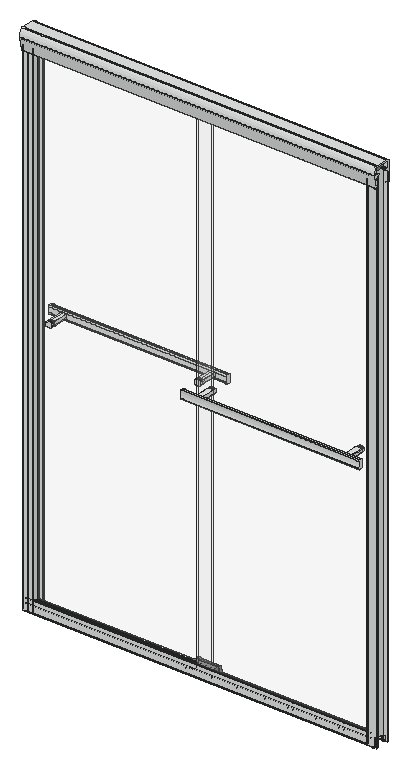
Revit family "Shower-Shower_Door-KOHLER-Gradient-K-709063_1", category Specialty Equipment, host Face, Revit 2021 (continued)
Definition of nested family "K-709063"
  Lines and regions (in)
    symbolic lines, detail levels medium+fine
      curve 94: arc (2.73826, 0, 35.14141) -> (2.56286, 0, 35.1184) -> (2.39932, 0, 35.05093) r 0.68013
      curve 95: arc (2.39932, 0, 35.05093) -> (2.38757, 0, 35.03921) -> (2.38326, 0, 35.02319) r 0.032
      curve 96: line (23.15426, 0, 35.37743) -> (46.90786, 0, 35.37743)
      curve 97: line (46.90786, 0, 34.25611) -> (46.90786, 0, 35.37743)
      curve 98: line (46.90786, 0, 34.25611) -> (23.15426, 0, 34.25611)
      curve 99: line (46.22842, 0, 67.35331) -> (46.22842, 0, 35.37743)
      curve 100: line (46.22842, 0, 0.04959) -> (46.22842, 0, 34.25611)
      curve 101: line (23.15426, 0, 1.5705) -> (46.22842, 0, 1.5705)
      curve 102: line (23.15426, 0, 1.52572) -> (46.22842, 0, 1.52572)
      curve 103: line (44.54926, -0.85793, 0) -> (45.25926, -0.8593, 0)
      curve 104: line (45.25926, -2.08212, 0) -> (44.54926, -2.07685, 0)
      curve 105: line (24.54926, -0.8593, 0) -> (25.25926, -0.85793, 0)
      curve 106: line (25.25926, -2.07685, 0) -> (24.54926, -2.07685, 0)
      curve 107: line (22.38326, 3.01669, 0) -> (23.09326, 3.01669, 0)
      curve 108: line (22.38326, 1.48378, 0) -> (23.09326, 1.48378, 0)
      curve 109: line (2.38326, 3.01669, 0) -> (3.09326, 3.01669, 0)
      curve 110: line (2.38326, 1.48378, 0) -> (3.09326, 1.48378, 0)
      curve 111: line (0.00062, 1.36153, 0) -> (47.6378, 1.36153, 0)
      curve 112: line (47.6378, 1.31805, 0) -> (0.00062, 1.31805, 0)
      curve 113: line (0.00062, 1.23281, 0) -> (47.6378, 1.23281, 0)
      curve 114: line (47.6378, -0.33057, 0) -> (0.00062, -0.33057, 0)
      curve 115: line (0.00062, -0.54931, 0) -> (47.6378, -0.54931, 0)
      curve 116: line (23.19063, 0, 67.35331) -> (23.19063, 0, 35.37743)
      curve 117: line (23.19063, 0, 34.25611) -> (23.19063, 0, 1.5705)
  Dimensions and locks (in)
    plane 3 "Center (Left/Right)" to plane 6 = 47.6378"
    "Width": plane 6 to plane 3 "Center (Left/Right)"
    locked: plane 6 to plane 7 at 1.40938
    plane 8 to plane 9 to plane 6 = 23.50335" locked, 0.98018" locked
    locked: plane 6 to plane 10 at 0.36395
    locked: plane 4 to plane 11 at 1.19907
    plane 6 to plane 17 to plane 16 = 3.74985" locked, 23.95956" locked
    "Height": plane 4 to level
    plane 20 to plane 19 = 6.02427"
    locked: plane 4 to plane 21 at 1.45283
    locked: plane 4 to plane 23 at 2.72543
    locked: plane 4 to plane 22 at 0.65423
    locked: plane 4 to plane 24 at 2.00993
    plane 29 to level = 1.52572"
    plane 5 to level = 34 209/256"
    plane 31 to plane 30 to plane 6 = 20" locked, 2.73353" locked
    "Walk Thru": plane 7 to plane 34
    locked: plane 34 to plane 3 "Center (Left/Right)" at 24.33865
    plane 6 to plane 15 to plane 13 = 3.98018" locked, 17.50335" locked
    locked: plane 3 "Center (Left/Right)" to plane 35 at 0.9798
    Extrusion 26 sketch curve to plane 31 to Extrusion 26 sketch curve = 0.355" locked, 0.355" locked
    Extrusion 26 sketch curve to plane 30 to Extrusion 26 sketch curve = 0.355" locked, 0.355" locked
    plane 33 to plane 32 = 20"  (x2)
    plane 38 to plane 39 to plane 6 = 24.00963" locked, 0.72993" locked
    plane 3 "Center (Left/Right)" to plane 41 to plane 40 = 0.76016" locked, 23.97692" locked
    aligned and locked: level to plane 2
    aligned and locked: plane 10 to Extrusion 1
    aligned and locked: plane 11 to Extrusion 6
    aligned and locked: plane 11 to Extrusion 7
    aligned and locked: plane 6 to Extrusion 5
    aligned and locked: Extrusion 5 to plane 23  (x2)
    aligned and locked: Extrusion 3 to plane 24
    aligned and locked: Extrusion 4 to plane 24
    aligned and locked: Extrusion 19 to plane 3 "Center (Left/Right)"
    aligned and locked: plane 6 to Extrusion 19
    aligned and locked: Extrusion 20 to plane 3 "Center (Left/Right)"
    aligned and locked: plane 6 to Extrusion 20
    aligned and locked: plane 22 to Extrusion 22
    aligned and locked: plane 18 to Extrusion 22
    aligned and locked: plane 18 to Extrusion 23
    aligned and locked: plane 22 to Extrusion 23
    aligned and locked: plane 10 to Extrusion 21
    aligned and locked: plane 4 to Extrusion 20 sketch curve
    aligned and locked: Masking region 3 sketch curve to Masking region 1
    aligned and locked: plane 6 to curve 3
    aligned and locked: plane 6 to curve 1
    aligned and locked: plane 6 to curve 2
    aligned and locked: plane 6 to curve 5
  Automatic sketch dimensions
    Extrusion 1 sketch curve to Extrusion 1 sketch curve = 0"  (x5)
    level to Extrusion 1 sketch curve = 0.05096"
    plane 1 "Center (Front/Back)" to Extrusion 1 sketch curve = 109/256"
    Extrusion 1 sketch curve to Extrusion 1 sketch curve = 0.03096"
    Extrusion 1 sketch curve to Extrusion 1 sketch curve = 0.00111"
    Extrusion 1 sketch curve to Extrusion 1 sketch curve = 0.00133"
    Extrusion 1 sketch curve to Extrusion 1 sketch curve = 0.0187"
    plane 1 "Center (Front/Back)" to Extrusion 1 sketch curve = 0.32511"
    Extrusion 1 sketch curve to Extrusion 1 sketch curve = 0.04858"
    Extrusion 1 sketch curve to Extrusion 1 sketch curve = 0.04868"
    Extrusion 1 sketch curve to Extrusion 1 sketch curve = 0.01477"
    Extrusion 1 sketch curve to Extrusion 1 sketch curve = 0.06365"
    Extrusion 1 sketch curve to Extrusion 1 sketch curve = 0.01498"
    Extrusion 1 sketch curve to Extrusion 1 sketch curve = 0.00158"
    Extrusion 1 sketch curve to Extrusion 1 sketch curve = 0.0098"
    Extrusion 1 sketch curve to Extrusion 1 sketch curve = 0.04168"
    Extrusion 1 sketch curve to Extrusion 1 sketch curve = 0.03323"
    Extrusion 1 sketch curve to Extrusion 1 sketch curve = 0.03357"
    Extrusion 1 sketch curve to Extrusion 1 sketch curve = 0.00239"
    Extrusion 1 sketch curve to Extrusion 1 sketch curve = 0.00114"
    Extrusion 1 sketch curve to Extrusion 1 sketch curve = 0.00677"
    Extrusion 1 sketch curve to Extrusion 1 sketch curve = 0.00644"
    Extrusion 1 sketch curve to Extrusion 1 sketch curve = 0.00275"
    Extrusion 1 sketch curve to Extrusion 1 sketch curve = 0.01955"
    Extrusion 1 sketch curve to Extrusion 1 sketch curve = 0.02268"
    Extrusion 1 sketch curve to Extrusion 1 sketch curve = 0.01076"  (x2)
    Extrusion 1 sketch curve to Extrusion 1 sketch curve = 0.02479"
    Extrusion 1 sketch curve to Extrusion 1 sketch curve = 0.04819"
    Extrusion 1 sketch curve to Extrusion 1 sketch curve = 0.1116"
    Extrusion 1 sketch curve to Extrusion 1 sketch curve = 0.00295"
    plane 1 "Center (Front/Back)" to Extrusion 1 sketch curve = 0.09874"
    Extrusion 1 sketch curve to plane 1 "Center (Front/Back)" = 1.03957"
    level to Extrusion 1 sketch curve = 0.59521"
    Extrusion 1 sketch curve to Extrusion 1 sketch curve = 0.00055"
    Extrusion 1 sketch curve to Extrusion 1 sketch curve = 0.01087"
    Extrusion 1 sketch curve to Extrusion 1 sketch curve = 0.01113"
    Extrusion 1 sketch curve to Extrusion 1 sketch curve = 0.01442"
    Extrusion 1 sketch curve to Extrusion 1 sketch curve = 0.01188"
    Extrusion 1 sketch curve to Extrusion 1 sketch curve = 0.15086"
    level to Extrusion 1 sketch curve = 0.634"
    Extrusion 1 sketch curve to Extrusion 1 sketch curve = 0.00276"
    Extrusion 1 sketch curve to Extrusion 1 sketch curve = 0.0089"
    level to Extrusion 1 sketch curve = 0.05809"
    Extrusion 1 sketch curve to Extrusion 1 sketch curve = 0.17664"
    level to Extrusion 1 sketch curve = 0.48201"
    Extrusion 1 sketch curve to Extrusion 1 sketch curve = 0.04997"
    Extrusion 1 sketch curve to Extrusion 1 sketch curve = 0.02026"  (x2)
    Extrusion 1 sketch curve to Extrusion 1 sketch curve = 0.01268"
    Extrusion 1 sketch curve to Extrusion 1 sketch curve = 0.00324"
    Extrusion 1 sketch curve to Extrusion 1 sketch curve = 0.0067"
    Extrusion 1 sketch curve to Extrusion 1 sketch curve = 0.0355"
    Extrusion 1 sketch curve to Extrusion 1 sketch curve = 0.00777"
    Extrusion 1 sketch curve to Extrusion 1 sketch curve = 0.01611"
    level to Extrusion 1 sketch curve = 0.01544"
    Extrusion 1 sketch curve to Extrusion 1 sketch curve = 0.00703"
    Extrusion 1 sketch curve to Extrusion 1 sketch curve = 0.00384"
    Extrusion 1 sketch curve to Extrusion 1 sketch curve = 0.04073"
    Extrusion 1 sketch curve to Extrusion 1 sketch curve = 0.02242"
    Extrusion 1 sketch curve to Extrusion 1 sketch curve = 0.21017"
    Extrusion 1 sketch curve to Extrusion 1 sketch curve = 0.02753"
    Extrusion 1 sketch curve to Extrusion 1 sketch curve = 0.00246"
    Extrusion 1 sketch curve to Extrusion 1 sketch curve = 0.0454"
    Extrusion 1 sketch curve to Extrusion 1 sketch curve = 0.03509"
    Extrusion 1 sketch curve to Extrusion 1 sketch curve = 0.03783"
    Extrusion 1 sketch curve to Extrusion 1 sketch curve = 0.06208"
    Extrusion 1 sketch curve to Extrusion 1 sketch curve = 0.01654"
    Extrusion 1 sketch curve to Extrusion 1 sketch curve = 0.01653"
    Extrusion 1 sketch curve to Extrusion 1 sketch curve = 125/256"
    Extrusion 1 sketch curve to Extrusion 1 sketch curve = 0.04693"
    Extrusion 1 sketch curve to Extrusion 1 sketch curve = 0.1318"
    Extrusion 1 sketch curve to Extrusion 1 sketch curve = 0.01774"
    Extrusion 1 sketch curve to Extrusion 1 sketch curve = 0.0042"
    Extrusion 1 sketch curve to Extrusion 1 sketch curve = 0.00373"
    Extrusion 1 sketch curve to Extrusion 1 sketch curve = 0.14668"
    Extrusion 1 sketch curve to Extrusion 1 sketch curve = 0.01179"
    Extrusion 1 sketch curve to Extrusion 1 sketch curve = 0.11071"
    Extrusion 1 sketch curve to Extrusion 1 sketch curve = 0.00759"
    Extrusion 1 sketch curve to Extrusion 1 sketch curve = 0.01574"
    Extrusion 1 sketch curve to Extrusion 1 sketch curve = 0.02541"
    Extrusion 1 sketch curve to Extrusion 1 sketch curve = 0.04793"
    Extrusion 1 sketch curve to Extrusion 1 sketch curve = 0.03147"
    Extrusion 1 sketch curve to Extrusion 1 sketch curve = 0.03213"
    Extrusion 1 sketch curve to Extrusion 1 sketch curve = 0.08902"
    Extrusion 1 sketch curve to Extrusion 1 sketch curve = 0.01855"
    Extrusion 1 sketch curve to Extrusion 1 sketch curve = 0.0321"
    Extrusion 1 sketch curve to Extrusion 1 sketch curve = 0.03426"
    Extrusion 1 sketch curve to Extrusion 1 sketch curve = 0.04124"
    Extrusion 1 sketch curve to Extrusion 1 sketch curve = 0.01819"
    Extrusion 1 sketch curve to Extrusion 1 sketch curve = 0.01512"
    Extrusion 1 sketch curve to Extrusion 1 sketch curve = 0.03667"
    plane 1 "Center (Front/Back)" to Extrusion 2 sketch curve = 0.28857"
    Extrusion 2 sketch curve to Extrusion 2 sketch curve = 1/256"
    Extrusion 2 sketch curve to Extrusion 2 sketch curve = 0.04274"
    Extrusion 2 sketch curve to Extrusion 2 sketch curve = 0.09603"
    Extrusion 2 sketch curve to Extrusion 2 sketch curve = 0.00204"
    Extrusion 2 sketch curve to plane 1 "Center (Front/Back)" = 0.00575"
    Extrusion 2 sketch curve to plane 1 "Center (Front/Back)" = 0.21906"
    Extrusion 2 sketch curve to Extrusion 2 sketch curve = 0.00187"
    Extrusion 2 sketch curve to plane 1 "Center (Front/Back)" = 0.24817"
    Extrusion 2 sketch curve to Extrusion 2 sketch curve = 0.02218"
    Extrusion 2 sketch curve to Extrusion 2 sketch curve = 0.05931"
    Extrusion 2 sketch curve to Extrusion 2 sketch curve = 0.10581"
    Extrusion 2 sketch curve to Extrusion 2 sketch curve = 0.19206"
    Extrusion 2 sketch curve to Extrusion 2 sketch curve = 0.29486"
    Extrusion 2 sketch curve to Extrusion 2 sketch curve = 0.19205"
    Extrusion 2 sketch curve to Extrusion 2 sketch curve = 0.4039"
    Extrusion 2 sketch curve to Extrusion 2 sketch curve = 0.02192"
    Extrusion 2 sketch curve to Extrusion 2 sketch curve = 0.07965"
    Extrusion 2 sketch curve to Extrusion 2 sketch curve = 0.0806"
    Extrusion 2 sketch curve to Extrusion 2 sketch curve = 0.24267"
    Extrusion 2 sketch curve to Extrusion 2 sketch curve = 0.25155"
    Extrusion 2 sketch curve to Extrusion 2 sketch curve = 0.00051"
    Extrusion 2 sketch curve to Extrusion 2 sketch curve = 0.04305"
    Extrusion 2 sketch curve to Extrusion 2 sketch curve = 0.12255"
    Extrusion 2 sketch curve to Extrusion 2 sketch curve = 0.0645"
    Extrusion 2 sketch curve to Extrusion 2 sketch curve = 0.20068"
    Extrusion 2 sketch curve to Extrusion 2 sketch curve = 0.00324"
    level to Extrusion 2 sketch curve = 0.06186"
    Extrusion 2 sketch curve to Extrusion 2 sketch curve = 0.09927"
    Extrusion 2 sketch curve to Extrusion 2 sketch curve = 0.09142"
    Extrusion 2 sketch curve to Extrusion 2 sketch curve = 1.41537"
    level to Extrusion 2 sketch curve = 0.52471"
    Extrusion 2 sketch curve to Extrusion 2 sketch curve = 0"  (x4)
    Extrusion 2 sketch curve to Extrusion 2 sketch curve = 0.47633"
    Extrusion 2 sketch curve to Extrusion 2 sketch curve = 0.16122"
    Extrusion 2 sketch curve to Extrusion 2 sketch curve = 0.17268"
    Extrusion 2 sketch curve to Extrusion 2 sketch curve = 0.086"
    Extrusion 2 sketch curve to Extrusion 2 sketch curve = 0.20167"
    Extrusion 2 sketch curve to Extrusion 2 sketch curve = 0.06289"
    Extrusion 2 sketch curve to Extrusion 2 sketch curve = 0.22381"
    Extrusion 2 sketch curve to Extrusion 2 sketch curve = 0.01709"
    Extrusion 2 sketch curve to Extrusion 2 sketch curve = 0.04154"
    Extrusion 2 sketch curve to Extrusion 2 sketch curve = 0.03486"
    Extrusion 2 sketch curve to Extrusion 2 sketch curve = 0.08061"
    Extrusion 2 sketch curve to Extrusion 2 sketch curve = 0.05929"
    Extrusion 2 sketch curve to Extrusion 2 sketch curve = 0.06493"
    Extrusion 2 sketch curve to Extrusion 2 sketch curve = 0.47512"
    Extrusion 2 sketch curve to Extrusion 2 sketch curve = 0.45718"
    Extrusion 2 sketch curve to Extrusion 2 sketch curve = 0.09277"
    Extrusion 2 sketch curve to Extrusion 2 sketch curve = 0.00039"
    Extrusion 2 sketch curve to Extrusion 2 sketch curve = 0.09316"
    Extrusion 2 sketch curve to Extrusion 2 sketch curve = 0.00038"
    Extrusion 2 sketch curve to Extrusion 2 sketch curve = 0.10933"
    Extrusion 2 sketch curve to Extrusion 2 sketch curve = 0.00229"
    level to Extrusion 2 sketch curve = 1.48788"
    plane 1 "Center (Front/Back)" to Extrusion 2 sketch curve = 0.00999"
    Extrusion 2 sketch curve to plane 1 "Center (Front/Back)" = 0.02149"
    plane 1 "Center (Front/Back)" to Extrusion 3 sketch curve = 0"
    plane 8 to Extrusion 3 sketch curve = 0.03637"  (x2)
    plane 8 to Extrusion 3 sketch curve = 0.2"
    Extrusion 3 sketch curve to plane 1 "Center (Front/Back)" = 0.115"
    Extrusion 3 sketch curve to plane 9 = 0.03637"  (x2)
    Extrusion 3 sketch curve to Extrusion 3 sketch curve = 0.16363"
    Extrusion 5 sketch curve to plane 4 = 3.36554"
    plane 1 "Center (Front/Back)" to Extrusion 5 sketch curve = 9.35949"
    Extrusion 5 sketch curve to Extrusion 5 sketch curve = 2.5937"
    plane 1 "Center (Front/Back)" to Extrusion 5 sketch curve = 0.78846"
    Extrusion 5 sketch curve to Extrusion 5 sketch curve = 0.02882"
    Extrusion 5 sketch curve to Extrusion 5 sketch curve = 0.03829"
    plane 1 "Center (Front/Back)" to Extrusion 5 sketch curve = 0.54931"
    Extrusion 5 sketch curve to Extrusion 5 sketch curve = 0.20325"
    Extrusion 5 sketch curve to Extrusion 5 sketch curve = 0.02497"
    Extrusion 5 sketch curve to Extrusion 5 sketch curve = 0.0792"
    Extrusion 5 sketch curve to Extrusion 5 sketch curve = 0.00166"
    Extrusion 5 sketch curve to Extrusion 5 sketch curve = 0.041"
    Extrusion 5 sketch curve to plane 4 = 0.1665"
    plane 1 "Center (Front/Back)" to Extrusion 5 sketch curve = 0.42387"
    Extrusion 5 sketch curve to Extrusion 5 sketch curve = 0.00692"
    Extrusion 5 sketch curve to Extrusion 5 sketch curve = 0.10592"
    plane 4 to Extrusion 5 sketch curve = 0.07205"
    Extrusion 5 sketch curve to Extrusion 5 sketch curve = 0.12303"
    Extrusion 5 sketch curve to Extrusion 5 sketch curve = 0.00233"
    Extrusion 5 sketch curve to Extrusion 5 sketch curve = 0.02401"
    Extrusion 5 sketch curve to Extrusion 5 sketch curve = 0.1354"
    Extrusion 5 sketch curve to Extrusion 5 sketch curve = 0.02507"
    Extrusion 5 sketch curve to plane 1 "Center (Front/Back)" = 0.73011"
    Extrusion 5 sketch curve to Extrusion 5 sketch curve = 0.23338"
    Extrusion 5 sketch curve to Extrusion 5 sketch curve = 0.08419"
    Extrusion 5 sketch curve to Extrusion 5 sketch curve = 0.02412"
    Extrusion 5 sketch curve to Extrusion 5 sketch curve = 0.11489"
    Extrusion 5 sketch curve to Extrusion 5 sketch curve = 0.01477"
    Extrusion 5 sketch curve to plane 4 = 0.03345"
    Extrusion 5 sketch curve to Extrusion 5 sketch curve = 0.00723"
    Extrusion 5 sketch curve to Extrusion 5 sketch curve = 0.02213"
    Extrusion 5 sketch curve to Extrusion 5 sketch curve = 0.15072"
    Extrusion 5 sketch curve to Extrusion 5 sketch curve = 0.11193"
    Extrusion 5 sketch curve to Extrusion 5 sketch curve = 0.0043"
    Extrusion 5 sketch curve to plane 1 "Center (Front/Back)" = 1.38826"
    Extrusion 5 sketch curve to Extrusion 5 sketch curve = 0.01529"
    Extrusion 5 sketch curve to Extrusion 5 sketch curve = 0.05874"
    Extrusion 5 sketch curve to Extrusion 5 sketch curve = 0.05947"
    Extrusion 5 sketch curve to Extrusion 5 sketch curve = 0.08024"
    Extrusion 5 sketch curve to Extrusion 5 sketch curve = 0.46422"
    Extrusion 5 sketch curve to Extrusion 5 sketch curve = 2.55893"
    Extrusion 5 sketch curve to Extrusion 5 sketch curve = 0"  (x4)
    Extrusion 5 sketch curve to Extrusion 5 sketch curve = 0.05906"
    Extrusion 5 sketch curve to Extrusion 5 sketch curve = 0.02164"
    Extrusion 5 sketch curve to Extrusion 5 sketch curve = 0.08342"
    Extrusion 5 sketch curve to Extrusion 5 sketch curve = 1.20904"
    Extrusion 5 sketch curve to Extrusion 5 sketch curve = 1.16917"
    Extrusion 5 sketch curve to Extrusion 5 sketch curve = 0.17514"
    Extrusion 5 sketch curve to Extrusion 5 sketch curve = 0.06003"
    Extrusion 5 sketch curve to Extrusion 5 sketch curve = 0.0649"
    Extrusion 5 sketch curve to Extrusion 5 sketch curve = 0.02909"
    Extrusion 5 sketch curve to Extrusion 5 sketch curve = 0.09384"
    Extrusion 5 sketch curve to Extrusion 5 sketch curve = 0.09816"
    Extrusion 5 sketch curve to Extrusion 5 sketch curve = 0.03875"
    Extrusion 5 sketch curve to Extrusion 5 sketch curve = 0.06415"
    Extrusion 5 sketch curve to Extrusion 5 sketch curve = 0.05136"
    Extrusion 5 sketch curve to Extrusion 5 sketch curve = 0.14954"
    Extrusion 5 sketch curve to Extrusion 5 sketch curve = 0.05604"
    Extrusion 5 sketch curve to Extrusion 5 sketch curve = 0.06655"
    Extrusion 5 sketch curve to Extrusion 5 sketch curve = 0.06783"
    Extrusion 5 sketch curve to Extrusion 5 sketch curve = 0.10757"
    Extrusion 5 sketch curve to Extrusion 5 sketch curve = 0.01069"
    Extrusion 5 sketch curve to plane 4 = 0.12103"
    Extrusion 5 sketch curve to Extrusion 5 sketch curve = 0.00427"
    Extrusion 5 sketch curve to Extrusion 5 sketch curve = 0.06368"
    plane 4 to Extrusion 5 sketch curve = 0.03151"
    plane 4 to Extrusion 5 sketch curve = 0.09763"
    Extrusion 5 sketch curve to Extrusion 5 sketch curve = 0.07301"
    Extrusion 5 sketch curve to Extrusion 5 sketch curve = 0.07084"
    plane 3 "Center (Left/Right)" to Extrusion 6 sketch curve = 0.00062"  (x2)
    Extrusion 6 sketch curve to Extrusion 6 sketch curve = 0.0262"  (x2)
    Extrusion 6 sketch curve to Extrusion 6 sketch curve = 0.03557"  (x2)
    Extrusion 6 sketch curve to Extrusion 6 sketch curve = 0.04675"  (x2)
    Extrusion 6 sketch curve to Extrusion 6 sketch curve = 0.60642"
    plane 3 "Center (Left/Right)" to Extrusion 6 sketch curve = 0.70548"  (x2)
    plane 3 "Center (Left/Right)" to Extrusion 6 sketch curve = 0.70723"  (x2)
    Extrusion 6 sketch curve to Extrusion 6 sketch curve = 0.04933"
    plane 1 "Center (Front/Back)" to Extrusion 6 sketch curve = 0.41678"
    Extrusion 6 sketch curve to Extrusion 6 sketch curve = 0.60781"  (x2)
    Extrusion 6 sketch curve to Extrusion 6 sketch curve = 0.00068"  (x2)
    Extrusion 6 sketch curve to Extrusion 6 sketch curve = 0.03706"  (x2)
    Extrusion 6 sketch curve to Extrusion 6 sketch curve = 0.00924"  (x2)
    Extrusion 6 sketch curve to Extrusion 6 sketch curve = 0.02616"  (x2)
    Extrusion 6 sketch curve to Extrusion 6 sketch curve = 0.01662"
    plane 1 "Center (Front/Back)" to Extrusion 6 sketch curve = 0.43355"
    Extrusion 6 sketch curve to Extrusion 6 sketch curve = 1.30656"  (x2)
    Extrusion 6 sketch curve to Extrusion 6 sketch curve = 0.01948"  (x2)
    Extrusion 6 sketch curve to Extrusion 6 sketch curve = 0.03753"  (x2)
    Extrusion 6 sketch curve to Extrusion 6 sketch curve = 0.03769"  (x2)
    plane 1 "Center (Front/Back)" to Extrusion 6 sketch curve = 0.39556"
    Extrusion 6 sketch curve to Extrusion 6 sketch curve = 0.00042"  (x2)
    Extrusion 6 sketch curve to plane 1 "Center (Front/Back)" = 1.33124"
    Extrusion 6 sketch curve to Extrusion 6 sketch curve = 0.00011"
    Extrusion 6 sketch curve to Extrusion 6 sketch curve = 0.00031"
    Extrusion 6 sketch curve to Extrusion 6 sketch curve = 0.00144"
    Extrusion 6 sketch curve to Extrusion 6 sketch curve = 0.00569"
    Extrusion 6 sketch curve to Extrusion 6 sketch curve = 12.20206"
    Extrusion 6 sketch curve to Extrusion 6 sketch curve = 0.00645"  (x2)
    Extrusion 6 sketch curve to Extrusion 6 sketch curve = 0"  (x3)
    plane 1 "Center (Front/Back)" to Extrusion 6 sketch curve = 0.40125"
    Extrusion 7 sketch curve to plane 7 = 0"  (x2)
    Extrusion 7 sketch curve to Extrusion 7 sketch curve = 0.02507"  (x2)
    Extrusion 7 sketch curve to Extrusion 7 sketch curve = 0.03335"  (x2)
    Extrusion 7 sketch curve to Extrusion 7 sketch curve = 0.04368"  (x2)
    plane 9 to Extrusion 7 sketch curve = 0.23261"  (x2)
    plane 9 to Extrusion 7 sketch curve = 0.25025"
    plane 9 to Extrusion 7 sketch curve = 0.27796"  (x2)
    Extrusion 7 sketch curve to Extrusion 7 sketch curve = 0.04914"
    Extrusion 7 sketch curve to plane 10 = 0.24255"  (x2)
    Extrusion 7 sketch curve to plane 6 = 0.06856"  (x2)
    Extrusion 7 sketch curve to plane 6 = 0.03065"  (x2)
    Extrusion 7 sketch curve to plane 6 = 0.02588"  (x2)
    Extrusion 7 sketch curve to plane 6 = 0.00081"  (x2)
    plane 1 "Center (Front/Back)" to Extrusion 7 sketch curve = 12.73264"
    Extrusion 7 sketch curve to Extrusion 7 sketch curve = 1.12847"  (x2)
    Extrusion 7 sketch curve to Extrusion 7 sketch curve = 1.36999"  (x2)
    plane 1 "Center (Front/Back)" to Extrusion 7 sketch curve = 0.43859"
    plane 1 "Center (Front/Back)" to Extrusion 7 sketch curve = 0.43519"
    plane 1 "Center (Front/Back)" to Extrusion 7 sketch curve = 0.40193"
    Extrusion 7 sketch curve to Extrusion 7 sketch curve = 0.00019"  (x2)
    Extrusion 7 sketch curve to Extrusion 7 sketch curve = 0.03662"
    Extrusion 7 sketch curve to Extrusion 7 sketch curve = 0.0401"
    Extrusion 7 sketch curve to Extrusion 7 sketch curve = 0.04123"
    Extrusion 7 sketch curve to Extrusion 7 sketch curve = 0.00454"  (x2)
    Extrusion 7 sketch curve to plane 1 "Center (Front/Back)" = 1 85/256"  (x2)
    Extrusion 7 sketch curve to Extrusion 7 sketch curve = 0.00461"
    Extrusion 7 sketch curve to Extrusion 7 sketch curve = 0.00318"
    Extrusion 7 sketch curve to Extrusion 7 sketch curve = 0.0386"
    Extrusion 7 sketch curve to Extrusion 7 sketch curve = 0.04463"
    Extrusion 7 sketch curve to Extrusion 7 sketch curve = 9.76579"
    Extrusion 7 sketch curve to Extrusion 7 sketch curve = 0"  (x6)
    plane 1 "Center (Front/Back)" to Extrusion 8 sketch curve = 0.45232"
    plane 1 "Center (Front/Back)" to Extrusion 8 sketch curve = 0.35735"
    plane 1 "Center (Front/Back)" to Extrusion 8 sketch curve = 0.16142"
    plane 11 to Extrusion 8 sketch curve = 0.17642"
    Extrusion 8 sketch curve to plane 1 "Center (Front/Back)" = 1.09774"
    Extrusion 8 sketch curve to plane 11 = 0.0023"
    Extrusion 8 sketch curve to Extrusion 8 sketch curve = 0.19443"
    Extrusion 8 sketch curve to Extrusion 8 sketch curve = 0.0976"
    Extrusion 8 sketch curve to Extrusion 8 sketch curve = 1.024"
    Extrusion 8 sketch curve to plane 11 = 0.00132"
    plane 11 to Extrusion 8 sketch curve = 0.17829"
    Extrusion 8 sketch curve to Extrusion 8 sketch curve = 0.30418"
    plane 1 "Center (Front/Back)" to Extrusion 9 sketch curve = 0.45232"
    plane 1 "Center (Front/Back)" to Extrusion 9 sketch curve = 0.35735"
    plane 1 "Center (Front/Back)" to Extrusion 9 sketch curve = 0.16142"
    plane 11 to Extrusion 9 sketch curve = 0.17642"
    Extrusion 9 sketch curve to plane 1 "Center (Front/Back)" = 1.09774"
    Extrusion 9 sketch curve to plane 11 = 0.0023"
    Extrusion 9 sketch curve to Extrusion 9 sketch curve = 0.19443"
    Extrusion 9 sketch curve to Extrusion 9 sketch curve = 0.0976"
    Extrusion 9 sketch curve to Extrusion 9 sketch curve = 1.024"
    Extrusion 9 sketch curve to plane 11 = 0.00132"
    plane 11 to Extrusion 9 sketch curve = 0.17829"
    Extrusion 9 sketch curve to Extrusion 9 sketch curve = 0.30418"
    Extrusion 10 sketch curve to plane 1 "Center (Front/Back)" = 0.83469"
    Extrusion 10 sketch curve to plane 1 "Center (Front/Back)" = 1.01469"
    Extrusion 10 sketch curve to Extrusion 10 sketch curve = 0"  (x3)
    Extrusion 10 sketch curve to plane 11 = 0.10105"
    Extrusion 10 sketch curve to plane 1 "Center (Front/Back)" = 0.96469"
    Extrusion 10 sketch curve to plane 1 "Center (Front/Back)" = 0.92469"
    Extrusion 10 sketch curve to plane 4 = 0.52024"
    Extrusion 10 sketch curve to Extrusion 10 sketch curve = 1/16"  (x2)
    Extrusion 10 sketch curve to Extrusion 10 sketch curve = 0.14"  (x2)
    Extrusion 10 sketch curve to Extrusion 10 sketch curve = 1.05025"
    Extrusion 10 sketch curve to Extrusion 10 sketch curve = 0.02225"  (x2)
    Extrusion 10 sketch curve to Extrusion 10 sketch curve = 0.005"  (x2)
    Extrusion 10 sketch curve to Extrusion 10 sketch curve = 0.04973"
    Extrusion 10 sketch curve to Extrusion 10 sketch curve = 0.023"  (x2)
    Extrusion 10 sketch curve to Extrusion 10 sketch curve = 0.00864"
    plane 1 "Center (Front/Back)" to Extrusion 13 sketch curve = 0.22"
    Extrusion 13 sketch curve to plane 11 = 1.35342"
    Extrusion 13 sketch curve to Extrusion 13 sketch curve = 0"  (x3)
    Extrusion 13 sketch curve to Extrusion 13 sketch curve = 0.02225"  (x2)
    plane 1 "Center (Front/Back)" to Extrusion 13 sketch curve = 0.08"  (x2)
    Extrusion 13 sketch curve to plane 11 = 0.30317"
    Extrusion 13 sketch curve to plane 1 "Center (Front/Back)" = 0.1"
    Extrusion 13 sketch curve to Extrusion 13 sketch curve = 0.005"  (x2)
    Extrusion 13 sketch curve to Extrusion 13 sketch curve = 0.085"
    Extrusion 13 sketch curve to plane 1 "Center (Front/Back)" = 0.05"
    Extrusion 13 sketch curve to plane 11 = 0.10105"  (x2)
    plane 1 "Center (Front/Back)" to Extrusion 13 sketch curve = 0.03"
    Extrusion 13 sketch curve to plane 4 = 0.52024"
    Extrusion 13 sketch curve to Extrusion 13 sketch curve = 1/16"  (x2)
    Extrusion 13 sketch curve to Extrusion 13 sketch curve = 0.032"
    plane 11 to Revolve 14 sketch curve = 0.52287"
    Revolve 14 sketch curve to Revolve 14 sketch curve = 0.07443"
    Revolve 14 sketch curve to Revolve 14 sketch curve = 0.07091"
    Revolve 14 sketch curve to Revolve 14 sketch curve = 0.07149"
    Revolve 14 sketch curve to Revolve 14 sketch curve = 0.07178"
    Revolve 14 sketch curve to Revolve 14 sketch curve = 0.02858"
    Revolve 14 sketch curve to Revolve 14 sketch curve = 0.0841"
    Revolve 14 sketch curve to Revolve 14 sketch curve = 0.0649"
    Revolve 14 sketch curve to plane 1 "Center (Front/Back)" = 1.33469"
    Revolve 14 sketch curve to Revolve 14 sketch curve = 0.10584"
    Revolve 14 sketch curve to Revolve 14 sketch curve = 0.02021"
    Revolve 14 sketch curve to Revolve 14 sketch curve = 0.10459"
    Revolve 14 sketch curve to Revolve 14 sketch curve = 0.01519"
    Revolve 14 sketch curve to Revolve 14 sketch curve = 0.07173"
    Revolve 14 sketch curve to Revolve 14 sketch curve = 0.03432"
    Revolve 14 sketch curve to Revolve 14 sketch curve = 0"
    Revolve 14 sketch curve to Revolve 14 sketch curve = 0.06223"
    Revolve 14 sketch curve to Revolve 14 sketch curve = 0.02658"  (x2)
    Revolve 14 sketch curve to Revolve 14 sketch curve = 0.0142"
    Revolve 14 sketch curve to Revolve 14 sketch curve = 0.06229"
    Revolve 17 sketch curve to plane 1 "Center (Front/Back)" = 0.04173"
    plane 11 to Revolve 17 sketch curve = 0.43406"
    Revolve 17 sketch curve to Revolve 17 sketch curve = 0.06223"
    plane 1 "Center (Front/Back)" to Revolve 17 sketch curve = 0.03"
    Revolve 17 sketch curve to Revolve 17 sketch curve = 0.07443"
    Revolve 17 sketch curve to Revolve 17 sketch curve = 0.02658"  (x2)
    Revolve 17 sketch curve to Revolve 17 sketch curve = 0.07091"
    plane 1 "Center (Front/Back)" to Revolve 17 sketch curve = 0.17"
    Revolve 17 sketch curve to Revolve 17 sketch curve = 0.07149"
    Revolve 17 sketch curve to Revolve 17 sketch curve = 0.07178"
    Revolve 17 sketch curve to Revolve 17 sketch curve = 0.02858"
    Revolve 17 sketch curve to Revolve 17 sketch curve = 0.0841"
    Revolve 17 sketch curve to Revolve 17 sketch curve = 0.0649"
    Revolve 17 sketch curve to plane 1 "Center (Front/Back)" = 0.07605"
    Revolve 17 sketch curve to Revolve 17 sketch curve = 0.01519"
    Revolve 17 sketch curve to Revolve 17 sketch curve = 0.02021"
    Revolve 17 sketch curve to Revolve 17 sketch curve = 0.12416"
    Revolve 17 sketch curve to Revolve 17 sketch curve = 0"  (x2)
    Revolve 17 sketch curve to Revolve 17 sketch curve = 0.27537"
    Extrusion 19 sketch curve to level = 0.04436"
    Extrusion 19 sketch curve to plane 18 = 0.6163"
    plane 1 "Center (Front/Back)" to Extrusion 19 sketch curve = 0.17622"
    Extrusion 19 sketch curve to plane 18 = 0.66791"
    Extrusion 19 sketch curve to Extrusion 19 sketch curve = 0.74263"
    Extrusion 19 sketch curve to plane 1 "Center (Front/Back)" = 1.30153"
    Extrusion 19 sketch curve to Extrusion 19 sketch curve = 0.09624"
    plane 3 "Center (Left/Right)" to Extrusion 22 sketch curve = 0.04984"  (x2)
    plane 26 to Extrusion 22 sketch curve = 0.25167"  (x2)
    Extrusion 22 sketch curve to Extrusion 22 sketch curve = 0.61653"
    Extrusion 22 sketch curve to Extrusion 22 sketch curve = 0.07831"
    Extrusion 22 sketch curve to Extrusion 22 sketch curve = 0.66444"
    Extrusion 22 sketch curve to Extrusion 22 sketch curve = 0.66493"
    plane 28 to Extrusion 22 sketch curve = 0.24977"
    Extrusion 22 sketch curve to Extrusion 22 sketch curve = 0"
    Extrusion 22 sketch curve to Extrusion 22 sketch curve = 0.11456"
    Extrusion 22 sketch curve to Extrusion 22 sketch curve = 0.10219"
    Extrusion 23 sketch curve to plane 7 = 0"
    Extrusion 23 sketch curve to plane 6 = 0.02461"  (x2)
    plane 9 to Extrusion 23 sketch curve = 0.21261"
    Extrusion 23 sketch curve to Extrusion 23 sketch curve = 0.10568"
    plane 28 to Extrusion 23 sketch curve = 0.22461"
    plane 26 to Extrusion 23 sketch curve = 0.25167"
    Extrusion 23 sketch curve to Extrusion 23 sketch curve = 0.00264"
    Extrusion 23 sketch curve to Extrusion 23 sketch curve = 0.10824"
    plane 7 to Extrusion 23 sketch curve = 0"
    Extrusion 23 sketch curve to Extrusion 23 sketch curve = 0.12884"
    Extrusion 23 sketch curve to Extrusion 23 sketch curve = 0"
    Extrusion 21 sketch curve to level = 0"  (x2)
    plane 29 to Extrusion 21 sketch curve = 0.04478"
    plane 28 to Extrusion 21 sketch curve = 0.31516"
    plane 28 to Extrusion 21 sketch curve = 0.12833"
    plane 28 to Extrusion 21 sketch curve = 0.03433"
    plane 26 to Extrusion 21 sketch curve = 0.14038"
    Extrusion 21 sketch curve to Extrusion 21 sketch curve = 0.17281"
    Extrusion 21 sketch curve to plane 18 = 0.48736"
    Extrusion 21 sketch curve to Extrusion 21 sketch curve = 0.11782"
    Extrusion 18 sketch curve to plane 5 = 0"  (x2)
    plane 31 to Extrusion 18 sketch curve = 0"
    plane 30 to Extrusion 18 sketch curve = 0"
    plane 19 to Extrusion 24 sketch curve = 0.46501"
    Extrusion 24 sketch curve to Extrusion 24 sketch curve = 0.08104"
    Extrusion 24 sketch curve to Extrusion 24 sketch curve = 0.08162"
    Extrusion 24 sketch curve to Extrusion 24 sketch curve = 0.09807"
    Extrusion 24 sketch curve to Extrusion 24 sketch curve = 0.09877"
    plane 19 to Extrusion 24 sketch curve = 0.04139"
    Extrusion 24 sketch curve to Extrusion 24 sketch curve = 0.00502"
    plane 19 to Extrusion 24 sketch curve = 0.03162"
    plane 19 to Extrusion 24 sketch curve = 0.02683"
    plane 5 to Extrusion 24 sketch curve = 0.01609"
    Extrusion 24 sketch curve to plane 19 = 2.2058"
    plane 5 to Extrusion 24 sketch curve = 0.40287"
    Extrusion 24 sketch curve to Extrusion 24 sketch curve = 0.03191"
    Extrusion 24 sketch curve to Extrusion 24 sketch curve = 0.02849"
    Extrusion 24 sketch curve to plane 5 = 0.40131"
    Extrusion 24 sketch curve to Extrusion 24 sketch curve = 0.03485"
    Extrusion 24 sketch curve to Extrusion 24 sketch curve = 0.02717"
    Extrusion 24 sketch curve to Extrusion 24 sketch curve = 0"
    Extrusion 25 sketch curve to plane 5 = 0.00538"
    plane 20 to Extrusion 25 sketch curve = 1.84468"
    Extrusion 25 sketch curve to plane 20 = 0.02151"
    Extrusion 25 sketch curve to plane 20 = 0.02568"
    Extrusion 25 sketch curve to plane 20 = 0.03949"
    Extrusion 25 sketch curve to Extrusion 25 sketch curve = 0.00738"
    Extrusion 25 sketch curve to Extrusion 25 sketch curve = 0.295"
    Extrusion 25 sketch curve to plane 20 = 0.34904"
    Extrusion 25 sketch curve to Extrusion 25 sketch curve = 0.02187"
    Extrusion 25 sketch curve to Extrusion 25 sketch curve = 0.01743"
    Extrusion 25 sketch curve to Extrusion 25 sketch curve = 0.11141"
    plane 5 to Extrusion 25 sketch curve = 0.37746"
    Extrusion 25 sketch curve to Extrusion 25 sketch curve = 0.01271"
    Extrusion 25 sketch curve to Extrusion 25 sketch curve = 0.04186"
    Extrusion 25 sketch curve to plane 5 = 0.39277"
    Extrusion 25 sketch curve to Extrusion 25 sketch curve = 0.02766"
    Extrusion 25 sketch curve to Extrusion 25 sketch curve = 0.02632"
    Extrusion 25 sketch curve to Extrusion 25 sketch curve = 0"
    plane 23 to Extrusion 11 sketch curve = 0.17294"  (x2)
    Extrusion 11 sketch curve to Extrusion 11 sketch curve = 0.02225"  (x2)
    plane 25 to Extrusion 11 sketch curve = 0.015"
    plane 21 to Extrusion 11 sketch curve = 0.04941"  (x2)
    plane 21 to Extrusion 11 sketch curve = 0.04441"
    Extrusion 11 sketch curve to Extrusion 11 sketch curve = 0.005"
    Extrusion 11 sketch curve to plane 21 = 0.04059"
    Extrusion 11 sketch curve to plane 11 = 0.10105"
    Extrusion 11 sketch curve to Extrusion 11 sketch curve = 0"  (x3)
    Extrusion 11 sketch curve to plane 26 = 0.085"
    plane 22 to Extrusion 11 sketch curve = 0.134"
    Extrusion 11 sketch curve to plane 26 = 0.035"
    Extrusion 11 sketch curve to plane 26 = 0.0225"
    Extrusion 11 sketch curve to Extrusion 11 sketch curve = 0.032"  (x2)
    Extrusion 11 sketch curve to Extrusion 11 sketch curve = 0.04"
    plane 25 to Extrusion 11 sketch curve = 0.0025"
    Revolve 15 sketch curve to plane 22 = 0.11078"  (x2)
    Revolve 15 sketch curve to plane 22 = 0.04855"
    Revolve 15 sketch curve to plane 22 = 0.03635"
    Revolve 15 sketch curve to plane 22 = 0.02197"
    plane 22 to Revolve 15 sketch curve = 0.03456"
    plane 22 to Revolve 15 sketch curve = 9/256"
    plane 22 to Revolve 15 sketch curve = 0.03543"
    Revolve 15 sketch curve to Revolve 15 sketch curve = 0.02858"
    plane 26 to Revolve 15 sketch curve = 0.055"
    Revolve 15 sketch curve to Revolve 15 sketch curve = 0.0841"
    Revolve 15 sketch curve to Revolve 15 sketch curve = 0.0649"
    Revolve 15 sketch curve to Revolve 15 sketch curve = 0.12416"
    Revolve 15 sketch curve to Revolve 15 sketch curve = 0.02658"
    plane 26 to Revolve 15 sketch curve = 0.03479"
    Revolve 15 sketch curve to plane 26 = 0.06981"
    Revolve 15 sketch curve to plane 26 = 0.085"
    plane 25 to Revolve 15 sketch curve = 0.07327"
    plane 25 to Revolve 15 sketch curve = 0.03895"
    Revolve 15 sketch curve to Revolve 15 sketch curve = 0"
    Revolve 15 sketch curve to Revolve 15 sketch curve = 0.27514"
    plane 23 to Extrusion 12 sketch curve = 0.17294"  (x2)
    Extrusion 12 sketch curve to Extrusion 12 sketch curve = 0.02225"  (x2)
    plane 21 to Extrusion 12 sketch curve = 0.04941"  (x2)
    Extrusion 12 sketch curve to Extrusion 12 sketch curve = 0.005"  (x2)
    Extrusion 12 sketch curve to plane 21 = 0.04059"
    plane 1 "Center (Front/Back)" to Extrusion 12 sketch curve = 0.03"
    Extrusion 12 sketch curve to plane 11 = 0.10105"  (x2)
    Extrusion 12 sketch curve to plane 27 = 0.0025"
    Extrusion 12 sketch curve to plane 1 "Center (Front/Back)" = 0.01"
    plane 22 to Extrusion 12 sketch curve = 0.134"
    plane 27 to Extrusion 12 sketch curve = 0.07"
    Extrusion 12 sketch curve to Extrusion 12 sketch curve = 0.032"  (x2)
    Extrusion 12 sketch curve to Extrusion 12 sketch curve = 0"  (x2)
    Extrusion 12 sketch curve to plane 28 = 0.035"
    Extrusion 12 sketch curve to plane 28 = 0.0225"
    Revolve 16 sketch curve to plane 1 "Center (Front/Back)" = 0.04173"
    Revolve 16 sketch curve to plane 22 = 0.11078"  (x2)
    Revolve 16 sketch curve to plane 22 = 0.04855"
    Revolve 16 sketch curve to plane 22 = 0.03635"
    Revolve 16 sketch curve to plane 22 = 0.02197"
    plane 22 to Revolve 16 sketch curve = 0.03456"
    plane 22 to Revolve 16 sketch curve = 9/256"
    plane 22 to Revolve 16 sketch curve = 0.03543"
    Revolve 16 sketch curve to Revolve 16 sketch curve = 0.02858"
    plane 28 to Revolve 16 sketch curve = 0.055"
    Revolve 16 sketch curve to Revolve 16 sketch curve = 0.0841"
    Revolve 16 sketch curve to Revolve 16 sketch curve = 0.0649"
    Revolve 16 sketch curve to plane 27 = 0.03895"
    plane 1 "Center (Front/Back)" to Revolve 16 sketch curve = 0.03"
    Revolve 16 sketch curve to Revolve 16 sketch curve = 0.01519"
    plane 28 to Revolve 16 sketch curve = 0.03479"
    Revolve 16 sketch curve to Revolve 16 sketch curve = 0.12416"
    Revolve 16 sketch curve to Revolve 16 sketch curve = 0.02658"
    Revolve 16 sketch curve to Revolve 16 sketch curve = 0"
    Revolve 16 sketch curve to Revolve 16 sketch curve = 0.27537"
    Extrusion 4 sketch curve to plane 26 = 0"
    Extrusion 4 sketch curve to plane 25 = 0"
    plane 35 to Extrusion 4 sketch curve = 0.03637"  (x2)
    plane 35 to Extrusion 4 sketch curve = 0.2"
    plane 25 to Extrusion 4 sketch curve = 0.115"
    plane 18 to curve 41 = 0"
    plane 18 to curve 42 = 0"
    curve 57 to plane 23 = 0"
    curve 10 to plane 23 = 0"
    curve 29 to plane 11 = 0"
    curve 11 to plane 18 = 0.00137"
    curve 13 to curve 13 = 0.02197"
    plane 26 to curve 38 = 0.16605"
    curve 12 to curve 38 = 0.48199"
    plane 26 to curve 39 = 0.16881"
    curve 38 to curve 39 = 0.07908"
    plane 26 to curve 37 = 0.25185"
    curve 38 to curve 37 = 0.03189"
    plane 28 to curve 37 = 0.06122"
    curve 37 to plane 18 = 0.66791"
    plane 28 to curve 64 = 0.10344"
    curve 64 to plane 29 = 0.20904"
    curve 63 to plane 29 = 0.06523"
    plane 27 to curve 71 = 0.34587"
    plane 29 to curve 71 = 3.02529"
    plane 5 to curve 69 = 0.35943"
    curve 72 to plane 5 = 0.39355"
    plane 27 to curve 70 = 0.34678"
    curve 70 to plane 23 = 1.63227"
    plane 23 to curve 22 = 0.05415"
    curve 22 to curve 24 = 0.03152"
    curve 44 to plane 28 = 0.0033"
    plane 11 to curve 44 = 0.0587"
    curve 25 to plane 26 = 0.00187"
    plane 11 to curve 25 = 0.06278"
    curve 44 to curve 44 = 0.09479"
    curve 27 to curve 25 = 0.09421"
    curve 26 to curve 27 = 0.07818"
    curve 27 to curve 30 = 0.05772"
    curve 46 to plane 22 = 0.15038"
    curve 11 to curve 8 = 0.01059"
    curve 13 to curve 13 = 0.00535"
    plane 26 to curve 24 = 0.33412"
    curve 23 to curve 24 = 0.01974"
    plane 26 to curve 30 = 0.17589"
    curve 30 to curve 27 = 0.01601"
    plane 26 to curve 29 = 0.04805"
    plane 26 to curve 26 = 0.02218"
    plane 27 to curve 69 = 0.345"
    plane 28 to curve 45 = 0.02177"
    curve 64 to curve 63 = 0.09"
    curve 45 to curve 46 = 0.18448"
    plane 28 to curve 40 = 0.2537"
    plane 19 to curve 72 = 0.47029"
    curve 10 to plane 18 = 0.00033"
    curve 33 to plane 18 = 0.00426"
    curve 36 to curve 33 = 0"
    curve 7 to curve 13 = 0.00473"
    curve 7 to curve 9 = 0.00185"
    curve 12 to curve 38 = 0.108"
    curve 12 to curve 7 = 0"
    curve 38 to curve 9 = 0"
    plane 28 to curve 39 = 0.17355"
    curve 39 to curve 37 = 0.03087"
    curve 37 to curve 65 = 0.03836"
    curve 64 to curve 64 = 0.08902"
    plane 28 to curve 64 = 0.06122"
    curve 63 to plane 29 = 0.04025"
    curve 63 to curve 63 = 0.01546"
    plane 5 to curve 75 = 0.3854"
    plane 19 to curve 73 = 0.03882"
    plane 5 to curve 73 = 0.35981"
    plane 5 to curve 58 = 0.325"
    curve 75 to curve 60 = 0.0604"
    curve 73 to curve 59 = 0.03481"
    curve 58 to curve 67 = 0.09048"
    curve 60 to curve 62 = 0.11822"
    curve 61 to plane 5 = 0.23452"
    curve 68 to curve 59 = 0.15903"
    curve 61 to curve 60 = 0.09048"
    curve 68 to curve 58 = 0.09048"
    curve 74 to plane 20 = 0.03909"
    curve 74 to plane 5 = 0.36097"
    curve 22 to curve 24 = 0.00464"
    plane 23 to curve 57 = 0.05902"
    curve 48 to plane 21 = 0.07729"
    curve 32 to plane 11 = 0.05404"
    curve 28 to plane 11 = 0.00355"
    curve 32 to plane 11 = 0.0034"
    curve 34 to plane 11 = 0.00299"
    curve 35 to plane 11 = 0.00257"
    plane 11 to curve 30 = 0.05374"
    plane 11 to curve 30 = 0.05456"
    curve 45 to curve 45 = 0.00417"
    curve 26 to curve 31 = 0.01942"
    plane 11 to curve 47 = 0.17829"
    curve 52 to plane 22 = 0.06424"
    curve 20 to plane 22 = 0.06424"
    curve 17 to plane 22 = 0.02453"
    curve 19 to plane 22 = 0.02453"
    curve 53 to plane 22 = 0.02197"
    curve 54 to plane 22 = 0.01811"
    curve 18 to plane 22 = 0.01806"
    curve 55 to plane 22 = 0.01806"
    plane 22 to curve 15 = 9/256"
    plane 22 to curve 52 = 9/256"
    plane 22 to curve 21 = 0.03543"
    plane 22 to curve 49 = 0.03543"
    curve 21 to curve 20 = 0.02858"
    curve 15 to curve 16 = 0.02887"
    curve 49 to curve 50 = 0.02858"
    curve 52 to curve 51 = 0.02887"
    curve 17 to curve 30 = 0.10911"
    curve 31 to curve 27 = 0.12511"
    curve 14 to curve 17 = 0.05508"
    curve 10 to curve 22 = 0.00137"
    curve 23 to curve 10 = 0.03172"
    curve 74 to curve 74 = 0.42136"
    curve 61 to curve 74 = 0"
    curve 75 to curve 60 = 0"
    curve 75 to plane 20 = 0.03557"
    curve 7 to curve 13 = 0.00117"
    curve 7 to curve 9 = 0.00054"
    curve 30 to curve 27 = 0.04756"
    plane 26 to curve 15 = 0.055"
    curve 31 to curve 26 = 0.00182"
    curve 15 to curve 16 = 0.02021"
    curve 20 to plane 26 = 0.06981"
    curve 20 to curve 21 = 0.01519"
    plane 25 to curve 18 = 0.065"
    curve 18 to curve 19 = 0.02605"
    curve 14 to plane 25 = 0.06795"
    plane 27 to curve 56 = 0.0698"
    curve 55 to plane 27 = 0.03895"
    curve 55 to curve 54 = 0.02605"
    plane 1 "Center (Front/Back)" to curve 49 = 0.03"
    curve 49 to curve 50 = 0.01519"
    plane 28 to curve 51 = 0.03479"
    curve 47 to curve 45 = 0.00007"
    curve 51 to curve 52 = 0.02021"
    curve 40 to curve 41 = 0.02686"
    curve 41 to curve 47 = 0.00444"
    curve 46 to curve 53 = 0.07875"
    curve 41 to curve 66 = 0.03089"
    curve 66 to curve 42 = 0.02542"
    curve 53 to curve 56 = 0.05232"
    curve 42 to curve 48 = 0.01725"
    plane 28 to curve 57 = 0.35412"
    plane 28 to curve 67 = 0.35412"
    curve 48 to curve 43 = 0.04898"
    curve 59 to curve 68 = 0.00002"
    curve 73 to curve 59 = 0"
    plane 19 to curve 72 = 0.03309"
    Masking region 2 sketch curve to Masking region 2 sketch curve = 0"  (x12)
    plane 18 to Masking region 2 sketch curve = 0"  (x2)
    Masking region 2 sketch curve to plane 29 = 0"
    Masking region 2 sketch curve to plane 20 = 0"
    Masking region 2 sketch curve to plane 23 = 0"  (x2)
    Masking region 2 sketch curve to plane 11 = 0"
    plane 18 to Masking region 2 sketch curve = 0.01474"
    level to Masking region 2 sketch curve = 0.01544"
    Masking region 2 sketch curve to plane 18 = 0.0085"
    Masking region 2 sketch curve to Masking region 2 sketch curve = 0.00703"
    Masking region 2 sketch curve to plane 18 = 0.01755"
    Masking region 2 sketch curve to Masking region 2 sketch curve = 0.04073"
    Masking region 2 sketch curve to Masking region 2 sketch curve = 0.02242"
    Masking region 2 sketch curve to Masking region 2 sketch curve = 0.31991"
    plane 26 to Masking region 2 sketch curve = 0.01189"
    Masking region 2 sketch curve to Masking region 2 sketch curve = 0.02753"
    Masking region 2 sketch curve to Masking region 2 sketch curve = 0.00246"
    Masking region 2 sketch curve to Masking region 2 sketch curve = 0.01787"
    Masking region 2 sketch curve to Masking region 2 sketch curve = 0.01538"
    Masking region 2 sketch curve to Masking region 2 sketch curve = 0.03619"  (x2)
    Masking region 2 sketch curve to Masking region 2 sketch curve = 0.05112"
    Masking region 2 sketch curve to Masking region 2 sketch curve = 0.01654"
    Masking region 2 sketch curve to plane 26 = 0.01011"
    Masking region 2 sketch curve to Masking region 2 sketch curve = 0.02901"
    Masking region 2 sketch curve to plane 26 = 0.00956"
    Masking region 2 sketch curve to Masking region 2 sketch curve = 0.01653"
    plane 28 to Masking region 2 sketch curve = 0.21009"
    Masking region 2 sketch curve to Masking region 2 sketch curve = 125/256"
    Masking region 2 sketch curve to Masking region 2 sketch curve = 0.04693"
    Masking region 2 sketch curve to Masking region 2 sketch curve = 0.01453"
    Masking region 2 sketch curve to Masking region 2 sketch curve = 0.04048"
    Masking region 2 sketch curve to Masking region 2 sketch curve = 0.01295"
    plane 28 to Masking region 2 sketch curve = 0.16966"
    Masking region 2 sketch curve to Masking region 2 sketch curve = 0.06289"
    plane 28 to Masking region 2 sketch curve = 0.13171"
    Masking region 2 sketch curve to Masking region 2 sketch curve = 0.0139"
    Masking region 2 sketch curve to Masking region 2 sketch curve = 0.01076"  (x2)
    Masking region 2 sketch curve to Masking region 2 sketch curve = 0.01774"
    plane 28 to Masking region 2 sketch curve = 0.15365"
    Masking region 2 sketch curve to Masking region 2 sketch curve = 0.0042"
    Masking region 2 sketch curve to Masking region 2 sketch curve = 0.00373"
    Masking region 2 sketch curve to Masking region 2 sketch curve = 0.14668"
    Masking region 2 sketch curve to Masking region 2 sketch curve = 0.01179"
    Masking region 2 sketch curve to Masking region 2 sketch curve = 0.11071"
    Masking region 2 sketch curve to Masking region 2 sketch curve = 0.0442"
    Masking region 2 sketch curve to Masking region 2 sketch curve = 0.00759"
    Masking region 2 sketch curve to Masking region 2 sketch curve = 0.01574"
    Masking region 2 sketch curve to Masking region 2 sketch curve = 0.03355"
    Masking region 2 sketch curve to Masking region 2 sketch curve = 0.04793"
    Masking region 2 sketch curve to Masking region 2 sketch curve = 0.03147"  (x2)
    Masking region 2 sketch curve to Masking region 2 sketch curve = 0.01065"  (x2)
    Masking region 2 sketch curve to Masking region 2 sketch curve = 0.03213"
    Masking region 2 sketch curve to Masking region 2 sketch curve = 0.07838"  (x2)
    Masking region 2 sketch curve to Masking region 2 sketch curve = 0.07047"
    plane 28 to Masking region 2 sketch curve = 0.06122"
    Masking region 2 sketch curve to Masking region 2 sketch curve = 0.0321"
    Masking region 2 sketch curve to Masking region 2 sketch curve = 0.03426"
    Masking region 2 sketch curve to Masking region 2 sketch curve = 0.02017"
    Masking region 2 sketch curve to Masking region 2 sketch curve = 0.00036"
    Masking region 2 sketch curve to Masking region 2 sketch curve = 0.00021"
    Masking region 2 sketch curve to Masking region 2 sketch curve = 0.01512"
    Masking region 2 sketch curve to Masking region 2 sketch curve = 0.03893"
    plane 19 to Masking region 2 sketch curve = 0.00085"
    plane 5 to Masking region 2 sketch curve = 0.55536"
    Masking region 2 sketch curve to plane 20 = 0.00087"
    plane 5 to Masking region 2 sketch curve = 0.55502"
    Masking region 2 sketch curve to Masking region 2 sketch curve = 0.07745"
    Masking region 2 sketch curve to Masking region 2 sketch curve = 0.0771"
    Masking region 2 sketch curve to Masking region 2 sketch curve = 0.15291"  (x2)
    plane 5 to Masking region 2 sketch curve = 0.00112"  (x2)
    Masking region 2 sketch curve to plane 5 = 0.325"  (x2)
    Masking region 2 sketch curve to Masking region 2 sketch curve = 0.15408"
    Masking region 2 sketch curve to Masking region 2 sketch curve = 0.15435"
    Masking region 2 sketch curve to Masking region 2 sketch curve = 0.07725"
    Masking region 2 sketch curve to plane 19 = 0.00007"
    Masking region 2 sketch curve to Masking region 2 sketch curve = 0.07761"
    Masking region 2 sketch curve to plane 23 = 0.64011"
    Masking region 2 sketch curve to plane 23 = 0.17589"
    plane 23 to Masking region 2 sketch curve = 0.05641"
    plane 23 to Masking region 2 sketch curve = 0.05902"
    Masking region 2 sketch curve to Masking region 2 sketch curve = 0.02168"
    Masking region 2 sketch curve to Masking region 2 sketch curve = 0.02926"
    Masking region 2 sketch curve to plane 21 = 0.07729"
    Masking region 2 sketch curve to plane 11 = 0.03149"
    Masking region 2 sketch curve to plane 11 = 0.00355"
    plane 26 to Masking region 2 sketch curve = 0.04805"
    plane 11 to Masking region 2 sketch curve = 0.08929"
    plane 11 to Masking region 2 sketch curve = 0.09251"
    plane 11 to Masking region 2 sketch curve = 0.09461"
    plane 28 to Masking region 2 sketch curve = 0.04642"
    plane 11 to Masking region 2 sketch curve = 0.09785"
    Masking region 2 sketch curve to Masking region 2 sketch curve = 0.01777"
    Masking region 2 sketch curve to Masking region 2 sketch curve = 0.01567"
    plane 11 to Masking region 2 sketch curve = 0.12549"
    plane 26 to Masking region 2 sketch curve = 0.05902"
    Masking region 2 sketch curve to Masking region 2 sketch curve = 0.05285"
    plane 28 to Masking region 2 sketch curve = 0.05862"
    Masking region 2 sketch curve to Masking region 2 sketch curve = 0.04691"
    Masking region 2 sketch curve to Masking region 2 sketch curve = 0.03569"
    Masking region 2 sketch curve to Masking region 2 sketch curve = 0.03794"
    Masking region 2 sketch curve to Masking region 2 sketch curve = 0.06567"
    Masking region 2 sketch curve to Masking region 2 sketch curve = 0.03428"
    Masking region 2 sketch curve to Masking region 2 sketch curve = 0.03045"
    Masking region 2 sketch curve to Masking region 2 sketch curve = 0.03007"
    Masking region 2 sketch curve to Masking region 2 sketch curve = 0.03352"
    Masking region 2 sketch curve to Masking region 2 sketch curve = 0.007"
    Masking region 2 sketch curve to plane 25 = 0.08958"
    plane 11 to Masking region 2 sketch curve = 0.19332"
    Masking region 2 sketch curve to Masking region 2 sketch curve = 0.06528"
    Masking region 2 sketch curve to Masking region 2 sketch curve = 0.10757"
    Masking region 2 sketch curve to Masking region 2 sketch curve = 0.10994"
    Masking region 2 sketch curve to plane 22 = 0.11078"  (x2)
    Masking region 2 sketch curve to plane 1 "Center (Front/Back)" = 0.04326"
    Masking region 2 sketch curve to plane 22 = 0.06424"  (x3)
    Masking region 2 sketch curve to plane 22 = 0.03635"  (x2)
    Masking region 2 sketch curve to plane 22 = 0.02453"
    Masking region 2 sketch curve to plane 22 = 0.02338"
    Masking region 2 sketch curve to plane 22 = 0.01811"
    Masking region 2 sketch curve to plane 22 = 0.01806"
    plane 22 to Masking region 2 sketch curve = 0.03456"  (x2)
    plane 22 to Masking region 2 sketch curve = 9/256"  (x2)
    plane 22 to Masking region 2 sketch curve = 0.03543"  (x2)
    Masking region 2 sketch curve to Masking region 2 sketch curve = 0.02858"
    Masking region 2 sketch curve to Masking region 2 sketch curve = 0.02887"
    Masking region 2 sketch curve to plane 1 "Center (Front/Back)" = 0.01"
    Masking region 2 sketch curve to Masking region 2 sketch curve = 0.06999"  (x2)
    plane 22 to Masking region 2 sketch curve = 0.14682"
    Masking region 2 sketch curve to Masking region 2 sketch curve = 0.08315"
    Masking region 2 sketch curve to Masking region 2 sketch curve = 0.06617"
    Masking region 2 sketch curve to Masking region 2 sketch curve = 0.06585"
    Masking region 2 sketch curve to plane 4 = 0.17719"
    Masking region 2 sketch curve to Masking region 2 sketch curve = 0.01069"
    Masking region 2 sketch curve to plane 4 = 0.12103"
    Masking region 2 sketch curve to Masking region 2 sketch curve = 0.00427"
    Masking region 2 sketch curve to plane 4 = 0.09714"
    Masking region 2 sketch curve to plane 4 = 0.03345"
    plane 4 to Masking region 2 sketch curve = 0.03151"
    Masking region 2 sketch curve to Masking region 2 sketch curve = 0.04054"
    plane 4 to Masking region 2 sketch curve = 0.09763"
    Masking region 2 sketch curve to Masking region 2 sketch curve = 0.07301"
    Masking region 2 sketch curve to plane 20 = 0.46045"  (x2)
    plane 26 to Masking region 2 sketch curve = 0.43409"
    Masking region 2 sketch curve to Masking region 2 sketch curve = 0.32326"
    Masking region 2 sketch curve to Masking region 2 sketch curve = 0.00072"
    Masking region 2 sketch curve to Masking region 2 sketch curve = 0.01424"
    Masking region 2 sketch curve to Masking region 2 sketch curve = 0.00016"
    plane 26 to Masking region 2 sketch curve = 0.35692"
    Masking region 2 sketch curve to Masking region 2 sketch curve = 0.03051"
    Masking region 2 sketch curve to Masking region 2 sketch curve = 0.0491"
    Masking region 2 sketch curve to Masking region 2 sketch curve = 0.0043"
    Masking region 2 sketch curve to Masking region 2 sketch curve = 0.05874"
    Masking region 2 sketch curve to Masking region 2 sketch curve = 0.05362"
    Masking region 2 sketch curve to Masking region 2 sketch curve = 0.05508"
    Masking region 2 sketch curve to Masking region 2 sketch curve = 0.02684"
    Masking region 2 sketch curve to Masking region 2 sketch curve = 0.0422"
    Masking region 2 sketch curve to Masking region 2 sketch curve = 0.00324"
    Masking region 2 sketch curve to Masking region 2 sketch curve = 0.23392"
    Masking region 2 sketch curve to Masking region 2 sketch curve = 0.02089"
    Masking region 2 sketch curve to Masking region 2 sketch curve = 0.11193"
    Masking region 2 sketch curve to Masking region 2 sketch curve = 0.0454"
    Masking region 2 sketch curve to Masking region 2 sketch curve = 0.0984"
    Masking region 2 sketch curve to Masking region 2 sketch curve = 0.02213"
    Masking region 2 sketch curve to Masking region 2 sketch curve = 27/256"
    Masking region 2 sketch curve to Masking region 2 sketch curve = 0.00758"
    Masking region 2 sketch curve to Masking region 2 sketch curve = 0.01071"
    Masking region 2 sketch curve to Masking region 2 sketch curve = 0.02546"
    plane 26 to Masking region 2 sketch curve = 0.03479"
    plane 26 to Masking region 2 sketch curve = 0.02376"
    plane 26 to Masking region 2 sketch curve = 0.01518"
    plane 26 to Masking region 2 sketch curve = 0.00076"
    Masking region 2 sketch curve to plane 26 = 0.06981"
    Masking region 2 sketch curve to Masking region 2 sketch curve = 0.01519"  (x2)
    Masking region 2 sketch curve to plane 26 = 0.0862"
    Masking region 2 sketch curve to Masking region 2 sketch curve = 0.04"  (x2)
    plane 25 to Masking region 2 sketch curve = 0.07418"
    Masking region 2 sketch curve to Masking region 2 sketch curve = 0.02605"
    Masking region 2 sketch curve to Masking region 2 sketch curve = 0.14154"
    Masking region 2 sketch curve to plane 28 = 0.01626"
    plane 28 to Masking region 2 sketch curve = 0.03479"
    Masking region 2 sketch curve to Masking region 2 sketch curve = 0.02021"
    plane 28 to Masking region 2 sketch curve = 0.09543"
    Masking region 2 sketch curve to Masking region 2 sketch curve = 1/128"
    Masking region 2 sketch curve to Masking region 2 sketch curve = 0.00295"
    Masking region 2 sketch curve to Masking region 2 sketch curve = 0.00475"
    Masking region 2 sketch curve to Masking region 2 sketch curve = 0.02479"
    Masking region 2 sketch curve to Masking region 2 sketch curve = 0.02268"
    Masking region 2 sketch curve to Masking region 2 sketch curve = 0.00479"
    Masking region 2 sketch curve to Masking region 2 sketch curve = 0.00239"
    Masking region 2 sketch curve to Masking region 2 sketch curve = 0.00114"
    Masking region 2 sketch curve to Masking region 2 sketch curve = 0.00677"
    Masking region 2 sketch curve to Masking region 2 sketch curve = 0.00548"
    Masking region 2 sketch curve to Masking region 2 sketch curve = 0.04841"
    Masking region 2 sketch curve to Masking region 2 sketch curve = 0.12061"
    Masking region 2 sketch curve to Masking region 2 sketch curve = 0.12443"
    Masking region 2 sketch curve to Masking region 2 sketch curve = 0.00301"
    plane 28 to Masking region 2 sketch curve = 0.18351"
    Masking region 2 sketch curve to Masking region 2 sketch curve = 0.03357"
    Masking region 2 sketch curve to Masking region 2 sketch curve = 0.00233"
    Masking region 2 sketch curve to Masking region 2 sketch curve = 0.00824"
    Masking region 2 sketch curve to Masking region 2 sketch curve = 0.04337"
    Masking region 2 sketch curve to Masking region 2 sketch curve = 0.00158"
    Masking region 2 sketch curve to Masking region 2 sketch curve = 0.04168"
    Masking region 2 sketch curve to Masking region 2 sketch curve = 0.01497"
    Masking region 2 sketch curve to Masking region 2 sketch curve = 0.1116"
    Masking region 2 sketch curve to Masking region 2 sketch curve = 0.03478"
    Masking region 2 sketch curve to Masking region 2 sketch curve = 0.06729"
    Masking region 2 sketch curve to Masking region 2 sketch curve = 0.00244"
    Masking region 2 sketch curve to Masking region 2 sketch curve = 0.11611"
    Masking region 2 sketch curve to Masking region 2 sketch curve = 0.00692"
    Masking region 2 sketch curve to Masking region 2 sketch curve = 0.03164"
    Masking region 2 sketch curve to Masking region 2 sketch curve = 0.02515"
    plane 28 to Masking region 2 sketch curve = 0.35412"  (x2)
    Masking region 2 sketch curve to Masking region 2 sketch curve = 0.00099"
    Masking region 2 sketch curve to Masking region 2 sketch curve = 0.02414"
    Masking region 2 sketch curve to Masking region 2 sketch curve = 0.09093"
    Masking region 2 sketch curve to Masking region 2 sketch curve = 0.08019"
    Masking region 2 sketch curve to Masking region 2 sketch curve = 0.20362"
    Masking region 2 sketch curve to Masking region 2 sketch curve = 0.03792"
